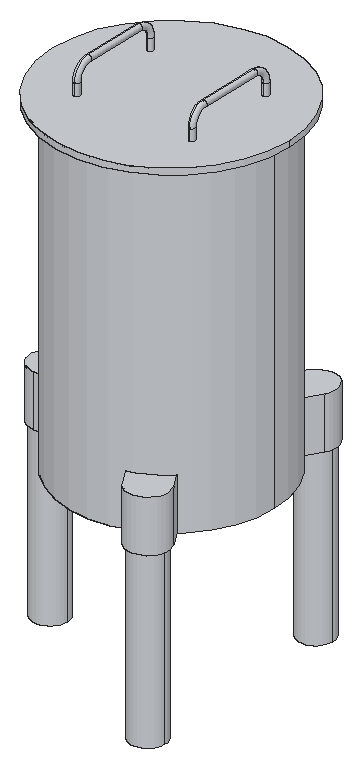
Revit family "0dc663052ab7419b8f463c7c65856102", category Mechanical Equipment, Revit 2021
Family settings
  Round Connector Dimension = Use Radius
  Part Type = Normal
  OmniClass Number = 23.15.30.27.11
  OmniClass Title = Tanks, Reservoirs
  Seek Item ID = Mixing Tank - Dish Bottom-0000-USA-ENU
  Work Plane-Based = No
  Always vertical = Yes
  Cut with Voids When Loaded = No
  Shared = No
  Room Calculation Point = No
Parameters (values of type "30 Gallon")
  Tank material = none
  Tank Radius = 0' - 9"
  Tank Height = 2' - 5"
  Outlet Radius = 1"
  Outlet Diameter = Outlet Radius * 2  # 2"
  Leg material = none
  Leg Offset Vertical = Leg Offset * sin(60.00°)  # 0' - 9.09327"
  Leg Offset Horizontal = Leg Offset * cos(60.00°)  # 0' - 5 1/4"
  Leg Offset = Tank Radius + 0' 1 1/2"  # 0' - 10 1/2"
  Leg Height = 1' - 3 1/8"
  Handrail Length = 0' - 8"
  Handrail Distance = 0' - 10"
  Flow [instance] = 10 GPM
  Default Elevation = 0' - 0"
  Cap Radius = Tank Radius + 0' 1 1/4"  # 0' - 10 1/4"
  Bottom Radius = Tank Radius * 2  # 1' - 6"
  Bottom Height = 2 * Tank Radius * (1 - cos(30.00°))  # 0' - 2.41154"
Types (8): name | Tank Radius | Tank Height | Outlet Radius | Outlet Diameter | Leg Offset Vertical | Leg Offset Horizontal | Leg Offset | Leg Height | Handrail Length | Handrail Distance | Cap Radius | Bottom Radius | Bottom Height
  (no name) | 0' - 9" | 2' - 5" | 1" | 2" | 0' - 9.09327" | 0' - 5 1/4" | 0' - 10 1/2" | 1' - 3 1/8" | 0' - 8" | 0' - 10" | 0' - 10 1/4" | 1' - 6" | 0' - 2.41154"
  30 Gallon | 0' - 9" | 2' - 5" | 1" | 2" | 0' - 9.09327" | 0' - 5 1/4" | 0' - 10 1/2" | 1' - 3 1/8" | 0' - 8" | 0' - 10" | 0' - 10 1/4" | 1' - 6" | 0' - 2.41154"
  55 Gallon | 0' - 11 3/8" | 2' - 11" | 1" | 2" | 0' - 11.15008" | 0' - 6 7/16" | 1' - 0 7/8" | 1' - 3 205/256" | 1' - 0" | 1' - 0" | 1' - 0 5/8" | 1' - 10 3/4" | 0' - 3.04792"
  100 Gallon | 1' - 3 1/4" | 2' - 11" | 1" | 2" | 1' - 2.50593" | 0' - 8 3/8" | 1' - 4 3/4" | 1' - 4 5/8" | 1' - 0" | 1' - 6" | 1' - 4 1/2" | 2' - 6 1/2" | 0' - 4.08623"
  200 Gallon | 1' - 7" | 3' - 10 3/4" | 2" | 4" | 1' - 5.75352" | 0' - 10 1/4" | 1' - 8 1/2" | 1' - 5 27/32" | 1' - 4" | 2' - 0" | 1' - 8 1/4" | 3' - 2" | 0' - 5.09103"
  250 Gallon | 2' - 2" | 4' - 10 1/2" | 2" | 4" | 1' - 11.8157" | 1' - 1 3/4" | 2' - 3 1/2" | 1' - 8 1/16" | 1' - 4" | 2' - 8" | 2' - 3 1/4" | 4' - 4" | 0' - 6.96668"
  300 Gallon | 3' - 0 1/2" | 5' - 10" | 2" | 4" | 2' - 8.90897" | 1' - 7" | 3' - 2" | 1' - 10 17/32" | 1' - 4" | 3' - 6" | 3' - 1 3/4" | 6' - 1" | 0' - 9.78015"
  400 Gallon | 3' - 7 1/2" | 5' - 10" | 2" | 4" | 3' - 2.97114" | 1' - 10 1/2" | 3' - 9" | 2' - 0 7/16" | 1' - 4" | 4' - 4" | 3' - 8 3/4" | 7' - 3" | 0' - 11.65579"
Reference planes (in)
  plane 1 "Center (Front/Back)": y = 0
  plane 2: z = 0
  plane 3 "Center (Left/Right)": x = 0
  plane 4 "Bend Top": z = 15.125
  plane 5: z = 44.125
  plane 6: z = 43.625
  plane 7 "Handrail Left": x = -5
  plane 8 "Handrail Right": x = 5
  plane 9: y = 4
  plane 10: y = -4
  plane 11: z = 46.375
  plane 12 "Bend Bottom": z = 12.71346
  plane 13: z = 11.55721
  plane 14: x = -10.5
  plane 15: y = 9.09327
  plane 16: y = -9.09327
  plane 17: x = 5.25
  plane 18: z = 19.625
  plane 19: y = 1.75
  plane 20: y = -1.75
  plane 21: x = -9
Forms (in)
  Extrusion 1, solid, material <- "Tank material", detail levels medium+fine
    sketch origin (0, 0, 0) x (1, 0, 0) y (0, 1, 0)
      loop
        circle (0, 0) r 10.25
    from 43.625 to 44.125
  Extrusion 2, solid, material <- "Tank material"
    sketch origin (0, 0, 0) x (1, 0, 0) y (0, 1, 0)
      loop
        circle (0, 0) r 9
    from 15.125 to 43.625
  Sweep 3, solid, material <- "Tank material", detail levels medium+fine
    path origin (-5, 0, 0) x (0, 1, 0) y (0, 0, 1)
      loop
        line (4, 44.125) -> (4, 45.125)
        arc (4, 45.125) -> (3.63388, 46.00888) -> (2.75, 46.375) r 1.25
        line (2.75, 46.375) -> (-2.75, 46.375)
        arc (-2.75, 46.375) -> (-3.63388, 46.00888) -> (-4, 45.125) r 1.25
        line (-4, 45.125) -> (-4, 44.125)
    profile origin (-5, 4, 44.625) x (0, -1, 0) y (1, 0, 0)
      loop
        circle (0, 0) r 0.25
  Sweep 4, solid, material <- "Tank material", detail levels medium+fine
    path origin (5, 0, 0) x (0, 1, 0) y (0, 0, 1)
      loop
        line (4, 44.125) -> (4, 45.125)
        arc (4, 45.125) -> (3.63388, 46.00888) -> (2.75, 46.375) r 1.25
        line (2.75, 46.375) -> (-2.75, 46.375)
        arc (-2.75, 46.375) -> (-3.63388, 46.00888) -> (-4, 45.125) r 1.25
        line (-4, 45.125) -> (-4, 44.125)
    profile origin (5, 4, 44.625) x (0, -1, 0) y (1, 0, 0)
      loop
        circle (0, 0) r 0.25
  Extrusion 5, solid, material <- "Tank material"
    sketch origin (0, 0, 0) x (1, 0, 0) y (0, 1, 0)
      loop
        circle (0, 0) r 1
    from 11.55721 to 15.125
  Extrusion 6, solid, material <- "Leg material"
    sketch origin (0, 0, 15.125) x (-1, 0, 0) y (0, -1, 0)
      loop
        circle (10.5, 0) r 1.5
      loop
        circle (-5.25, -9.09327) r 1.5
      loop
        circle (-5.25, 9.09327) r 1.5
    from -15.125 to 0
  Extrusion 7, solid, material <- "Leg material"
    sketch origin (0, 0, 15.125) x (-1, 0, 0) y (0, -1, 0)
      loop
        arc (10.5, -1.75) -> (12.25, 0) -> (10.5, 1.75) r 1.75
        line (10.5, 1.75) -> (8.89926, 1.75)
        arc (8.89926, 1.75) -> (9.06969, 0) -> (8.89926, -1.75) r 9.06969
        line (8.89926, -1.75) -> (10.5, -1.75)
    from 0 to 4.5
  Extrusion 8, solid, material <- "Leg material"
    sketch origin (0, 0, 15.125) x (-1, 0, 0) y (0, -1, 0)
      loop
        line (-3.73446, -9.96827) -> (-2.93408, -8.58198)
        arc (-2.93408, -8.58198) -> (-4.53485, -7.85458) -> (-5.96517, -6.83198) r 9.06969
        line (-5.96517, -6.83198) -> (-6.76554, -8.21827)
        arc (-6.76554, -8.21827) -> (-6.125, -10.60881) -> (-3.73446, -9.96827) r 1.75
    from 0 to 4.5
  Extrusion 9, solid, material <- "Leg material"
    sketch origin (0, 0, 15.125) x (-1, 0, 0) y (0, -1, 0)
      loop
        arc (-3.73446, 9.96827) -> (-6.125, 10.60881) -> (-6.76554, 8.21827) r 1.75
        line (-6.76554, 8.21827) -> (-5.92966, 6.77046)
        arc (-5.92966, 6.77046) -> (-4.5, 7.79423) -> (-2.89857, 8.52046) r 9
        line (-2.89857, 8.52046) -> (-3.73446, 9.96827)
    from 0 to 4.5
  Revolve 10, solid, material <- "Tank material"
    sketch origin (0, 0, 0) x (1, 0, 0) y (0, 0, 1)
      loop
        line (0, 12.71346) -> (0, 15.125) -> (-9, 15.125)
        arc (-9, 15.125) -> (-4.65874, 13.32679) -> (0, 12.71346) r 18
      axis (0, 12.71346) -> (0, 15.125)
    angle from 0 to 360
Cuts and joins
  joined: Extrusion 7, Extrusion 8, Extrusion 9
  joined: Sweep 3, Sweep 4
  joined: Extrusion 5, Revolve 10
Lines and regions (in)
  reference lines
    curve 1: line (5.25, 9.09327, 15.125) -> (0, 0, 15.125)
    curve 2: line (0, 0, 15.125) -> (5.25, -9.09327, 15.125)
    curve 3: line (-4.64054, -4.53766, 15.125) -> (3.73446, 9.96827, 15.125)
    curve 4: line (4.89054, 4.97067, 15.125) -> (-3.48446, -9.53525, 15.125)
    curve 5: line (3.73446, -9.96827, 15.125) -> (-6.51554, 7.78525, 15.125)
    curve 6: line (-2.73446, 8.23622, 15.125) -> (6.76554, -8.21827, 15.125)
Dimensions and locks (in)
  "Leg Height": plane 4 "Bend Top" to plane 2
  "Tank Height": plane 5 to plane 4 "Bend Top"
  locked: plane 5 to plane 6 at 0.5
  "Handrail Distance": plane 7 "Handrail Left" to plane 8 "Handrail Right"
  equal spacing: plane 7 "Handrail Left", plane 3 "Center (Left/Right)", plane 8 "Handrail Right"
  equal spacing: plane 9, plane 1 "Center (Front/Back)", plane 10
  "Handrail Length": plane 9 to plane 10
  locked: plane 11 to plane 5 at 2.25
  "Bottom Height": plane 4 "Bend Top" to plane 12 "Bend Bottom"
  locked: plane 12 "Bend Bottom" to plane 13 at 1.15625
  "Leg Offset": plane 14 to plane 3 "Center (Left/Right)"
  "Leg Offset Vertical": plane 15 to plane 1 "Center (Front/Back)"
  "Leg Offset Vertical": plane 16 to plane 1 "Center (Front/Back)"
  "Leg Offset Horizontal": plane 3 "Center (Left/Right)" to plane 17
  plane 19 to plane 1 "Center (Front/Back)" to plane 20 = 0' - 1 3/4" locked, 0' - 1 3/4" locked
  locked: curve 2 to curve 5 at 1.75
  locked: curve 1 to curve 3 at 1.75
  locked: curve 1 to curve 4 at 1.75
  locked: curve 2 to curve 6 at 1.75
  "Tank Radius": plane 3 "Center (Left/Right)" to plane 21
  "Cap Radius": radius of Extrusion 1 sketch curve
  "Tank Radius": radius of Extrusion 2 sketch curve
  radius of Sweep 4 sketch curve = 0' - 0 1/4"
  "Outlet Radius": radius of Extrusion 5 sketch curve
  radius of Extrusion 6 sketch curve = 0' - 1 1/2"  (x3)
  radius of Extrusion 8 sketch curve = 0' - 1 3/4"
  radius of Extrusion 9 sketch curve = 0' - 1 3/4"
  "Tank Radius": radius of Extrusion 9 sketch curve
  "Bottom Radius": radius of Revolve 10 sketch curve
  locked: curve 3 to plane 3 "Center (Left/Right)" (angle 30.00°)
  locked: plane 3 "Center (Left/Right)" to curve 5 (angle 30.00°)
  angle plane 1 "Center (Front/Back)" to curve 4 = 60.00°
  locked: curve 6 to plane 1 "Center (Front/Back)" (angle 60.00°)
  aligned and locked: plane 1 "Center (Front/Back)" to Extrusion 1 sketch curve
  aligned and locked: plane 3 "Center (Left/Right)" to Extrusion 1 sketch curve
  aligned and locked: plane 5 to Extrusion 1
  aligned and locked: Extrusion 1 to plane 6
  aligned and locked: plane 1 "Center (Front/Back)" to Extrusion 2 sketch curve
  aligned and locked: plane 3 "Center (Left/Right)" to Extrusion 2 sketch curve
  aligned and locked: Extrusion 2 to plane 4 "Bend Top"
  aligned and locked: Sweep 3 sketch curve to plane 9
  aligned and locked: Sweep 3 sketch curve to plane 11
  aligned and locked: plane 10 to Sweep 3 sketch curve
  aligned and locked: Sweep 4 sketch curve to plane 9
  aligned and locked: Sweep 4 sketch curve to plane 11
  aligned and locked: plane 10 to Sweep 4 sketch curve
  aligned and locked: plane 1 "Center (Front/Back)" to Extrusion 5 sketch curve
  aligned and locked: plane 3 "Center (Left/Right)" to Extrusion 5 sketch curve
  aligned and locked: Extrusion 5 to plane 13
  aligned and locked: plane 1 "Center (Front/Back)" to Extrusion 6 sketch curve
  aligned and locked: plane 14 to Extrusion 6 sketch curve
  aligned and locked: plane 17 to Extrusion 6 sketch curve  (x2)
  aligned and locked: plane 15 to Extrusion 6 sketch curve
  aligned and locked: plane 16 to Extrusion 6 sketch curve
  aligned and locked: Extrusion 6 to plane 2
  aligned and locked: plane 4 "Bend Top" to Extrusion 6
  aligned and locked: plane 15 to curve 1
  aligned and locked: plane 3 "Center (Left/Right)" to curve 1
  aligned and locked: plane 16 to curve 2
  aligned and locked: plane 20 to Extrusion 7 sketch curve
  aligned and locked: plane 1 "Center (Front/Back)" to Extrusion 7 sketch curve  (x2)
  aligned and locked: plane 14 to Extrusion 7 sketch curve
  aligned and locked: plane 3 "Center (Left/Right)" to Extrusion 7 sketch curve
  aligned and locked: Extrusion 7 to plane 4 "Bend Top"
  aligned and locked: plane 18 to Extrusion 7
  aligned and locked: Extrusion 8 to plane 4 "Bend Top"
  aligned and locked: plane 18 to Extrusion 8
  aligned and locked: Extrusion 8 sketch curve to curve 3
  aligned and locked: plane 1 "Center (Front/Back)" to Extrusion 8 sketch curve
  aligned and locked: plane 3 "Center (Left/Right)" to Extrusion 8 sketch curve
  aligned and locked: Extrusion 8 sketch curve to curve 4
  aligned and locked: plane 16 to Extrusion 9 sketch curve
  aligned and locked: plane 1 "Center (Front/Back)" to Extrusion 9 sketch curve
  aligned and locked: plane 3 "Center (Left/Right)" to Extrusion 9 sketch curve
  aligned and locked: Extrusion 9 sketch curve to curve 5
  aligned and locked: Extrusion 9 to plane 4 "Bend Top"
  aligned and locked: plane 18 to Extrusion 9
  aligned and locked: Extrusion 9 sketch curve to curve 6
  aligned and locked: plane 6 to Extrusion 2
  aligned and locked: plane 12 "Bend Bottom" to Revolve 10 sketch curve
  aligned and locked: plane 3 "Center (Left/Right)" to Revolve 10 sketch curve
  aligned and locked: plane 4 "Bend Top" to Extrusion 5
Automatic sketch dimensions
  Sweep 3 sketch curve to plane 5 = 0' - 0"  (x2)
  plane 5 to Sweep 3 sketch curve = 0' - 1"  (x2)
  Sweep 3 sketch curve to plane 7 "Handrail Left" = 0' - 0"
  Sweep 3 sketch curve to profile plane = 0' - 0"
  Sweep 4 sketch curve to plane 5 = 0' - 0"  (x2)
  plane 5 to Sweep 4 sketch curve = 0' - 1"  (x2)
  Sweep 4 sketch curve to plane 8 "Handrail Right" = 0' - 0"
  Sweep 4 sketch curve to profile plane = 0' - 0"
  plane 14 to Extrusion 7 sketch curve = 0' - 1.60074"
  Extrusion 8 sketch curve to plane 15 = 0' - 0"
  Extrusion 8 sketch curve to plane 15 = 0' - 0 7/8"
  plane 15 to Extrusion 8 sketch curve = 0' - 0 7/8"
  Extrusion 8 sketch curve to plane 15 = 0' - 0.51128"
  curve 1 to plane 17 = 0' - 0"
  curve 2 to plane 17 = 0' - 0"
  plane 16 to curve 6 = 0' - 0 7/8"
  curve 4 to plane 17 = 0' - 0.35946"
  plane 15 to curve 3 = 0' - 0 7/8"
  curve 5 to plane 16 = 0' - 0 7/8"
  plane 16 to Extrusion 9 sketch curve = 0' - 0 7/8"
  Extrusion 9 sketch curve to plane 16 = 0' - 0 7/8"
  Revolve 10 sketch curve to plane 4 "Bend Top" = 0' - 0"  (x2)
  Revolve 10 sketch curve to plane 3 "Center (Left/Right)" = 0' - 0"
  plane 12 "Bend Bottom" to Revolve 10 sketch curve = 0' - 0"
  radius of Sweep 3 sketch curve = 0' - 0 1/4"
Connectors (in)
  piping at (0, 0, 11.55721), diameter 2, driven by "Outlet Radius", driven by "Flow"
    settings: on Extrusion 5, index 1, connector inside diameter 2", connector length 0' - 0", flow factor 0, pipe flow 10 GPM, pressure drop 10.00 psi, fitting loss kfactor 0, connector angle 0.00°, fixture units 0, engagement length 0' - 0", angle of deflection 0.00°, flow configuration 0, flow direction 2, fitting loss method 0, system type 29, joint type 0, gender type 0, connector reference index -1, connector utility 0, adjustable connector no, is connector primary yes, connector description "Tank Out"
